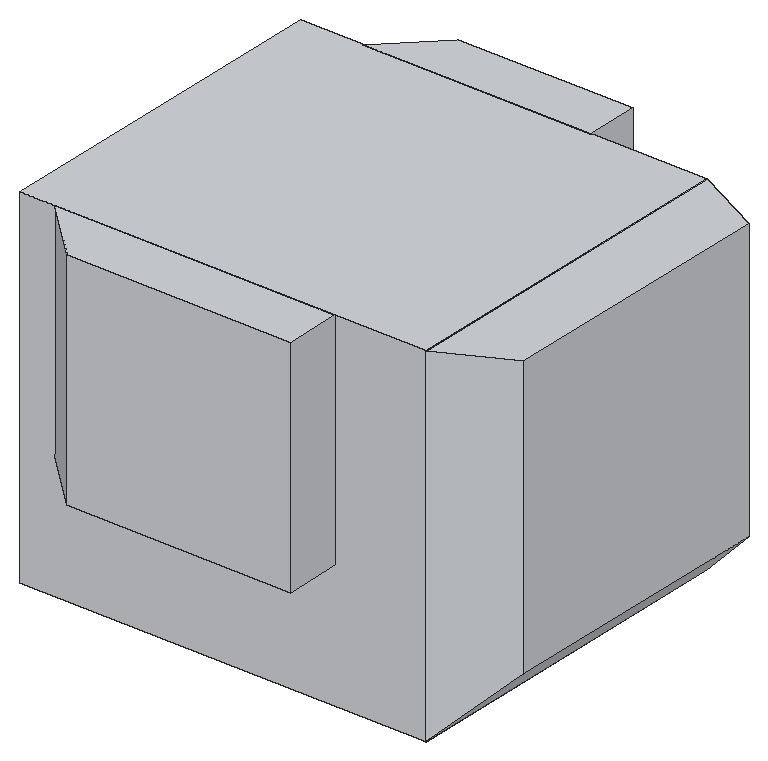
Revit family "矩形四通 - 过渡件 - 顶对齐", category 风管管件, Revit 2020
Family settings
  圆形连接件大小 = 使用直径
  零件类型 = 多个端口
  基于工作平面 = 否
  总是垂直 = 是
  加载时剪切的空心 = 否
  共享 = 否
Parameters (values of type "标准")
  默认高程 = 0 mm
  可见性 2 [instance] = not(风管高度 1 = 风管高度 4)  # yes
  可见性 1 [instance] = not(风管高度 1 = 风管高度 3)  # yes
  最大风管宽度和高度 [instance] = if(最大风管宽度 123 > 最大风管高度 123, 最大风管宽度 123, 最大风管高度 123)  # 500 mm
  最大风管宽度 123 [instance] = if(风管宽度 1 > 风管宽度 3, 风管宽度 1, 风管宽度 3)  # 500 mm
  最大风管高度 123 [instance] = if(风管高度 1 > 风管高度 3, 风管高度 1, 风管高度 3)  # 500 mm
  最大风管半宽 31 41 [instance] = if(风管半宽 31 > 风管半宽 41, 风管半宽 31, 风管半宽 41)  # 240 mm
  长度 3 [instance] = if(not(风管高度 1 = 风管高度 4), 长度 1 - (风管高度 1 - 风管高度 4) / 2, 长度 1 + 10 mm)  # 4875 mm
  长度 2 [instance] = if(not(风管高度 1 = 风管高度 3), 长度 1 - (风管高度 1 - 风管高度 3) / 2, 长度 1 + 10 mm)  # 4910 mm
  长度 1 [instance] = 5000 mm  # constant formula
  风管半宽 41 [instance] = 风管宽度 4 / 2 + 风管长度 4  # 200 mm
  风管半宽 31 [instance] = 风管宽度 3 / 2 + 风管长度 3  # 240 mm
  风管宽度 4 [instance] = 250 mm
  风管宽度 3 [instance] = 320 mm
  风管宽度 2 [instance] = 400 mm
  风管宽度 1 [instance] = 500 mm
  风管长度 4 [instance] = if(风管宽度 4 * 0.25 > 75 mm, 风管宽度 4 * 0.25, 75 mm)  # 75 mm
  风管长度 3 [instance] = if(风管宽度 3 * 0.25 > 75 mm, 风管宽度 3 * 0.25, 75 mm)  # 80 mm
  风管长度 2 [instance] = if(风管宽度 1 - 风管宽度 2 < 25 mm, 25 mm, if(风管宽度 1 - 风管宽度 2 < 300 mm, 风管宽度 1 - 风管宽度 2, 300 mm))  # 100 mm
  风管长度 1 [instance] = (最大风管半宽 31 41 + 50 mm) * 2  # 580 mm
  风管高度 4 [instance] = 250 mm
  风管高度 3 [instance] = 320 mm
  风管高度 2 [instance] = 400 mm
  风管高度 1 [instance] = 500 mm
Reference planes
  plane 1 "中心(前/后)": y = 0
  plane 2: z = 0
  plane 3 "中心(左/右)": x = 0
  plane 4: x = -290
  plane 5: x = 290
  plane 6: y = 250
  plane 7: y = -250
  plane 8: z = 250
  plane 9: z = -250
  plane 10: x = 390
  plane 11: y = -330
  plane 12: x = -240
  plane 13: x = 160
  plane 14: x = -160
  plane 15: z = -70
  plane 16: z = 5000
  plane 17: z = 90
  plane 18: z = 90
  plane 19: y = 200
  plane 20: y = -200
  plane 21: y = 325
  plane 22: x = -200
  plane 23: x = -125
  plane 24: x = 125
  plane 25: z = 0
  plane 26: z = 125
  plane 27: z = 125
  plane 28: z = -150
  plane 29: z = 50
Forms (mm)
  Extrusion 1, solid, detail levels medium+fine
    sketch origin (0, 0, 0) x (1, 0, 0) y (0, 1, 0)
      loop
        line (-290, 250) -> (-290, -250) -> (290, -250) -> (290, 250) -> (-290, 250)
    from -250 to 250
  Blend 2, solid, detail levels medium+fine
    base sketch origin (0, 0, 0) x (1, 0, 0) y (0, 0, 1)
      loop
        line (-160, 250) -> (-160, -70) -> (160, -70) -> (160, 250) -> (-160, 250)
    top sketch origin (0, 0, 0) x (1, 0, 0) y (0, 0, 1)
      loop
        line (-240, 250) -> (-240, -70) -> (160, -70) -> (160, 250) -> (-240, 250)
    from 330 to 250
  Blend 3, solid, detail levels medium+fine
    base sketch origin (0, 0, 0) x (0, 1, 0) y (0, 0, 1)
      loop
        line (200, 250) -> (-200, 250) -> (-200, -150) -> (200, -150) -> (200, 250)
    top sketch origin (0, 0, 0) x (0, 1, 0) y (0, 0, 1)
      loop
        line (250, 250) -> (-250, 250) -> (-250, -250) -> (250, -250) -> (250, 250)
    from 390 to 290
  Blend 4, solid, detail levels medium+fine
    base sketch origin (0, 0, 0) x (1, 0, 0) y (0, 0, 1)
      loop
        line (-125, 250) -> (-125, 0) -> (125, 0) -> (125, 250) -> (-125, 250)
    top sketch origin (0, 0, 0) x (1, 0, 0) y (0, 0, 1)
      loop
        line (-200, 250) -> (-200, 0) -> (125, 0) -> (125, 250) -> (-200, 250)
    from -325 to -250
  Blend 5, solid, not visible, detail levels medium+fine
    base sketch origin (0, 0, 0) x (0, 1, 0) y (0, 0, 1)
      loop
        line (200, 250) -> (0, 250) -> (0, 50) -> (200, 50) -> (200, 250)
    top sketch origin (0, 0, 0) x (0, 1, 0) y (0, 0, 1)
      loop
        line (250, 250) -> (0, 250) -> (0, 0) -> (250, 0) -> (250, 250)
    from 390 to 290
Lines and regions (mm)
  model lines
    curve 1: line (-290, 0, 0) -> (290, 0, 0)
    curve 3: line (0, 0, 90) -> (0, -330, 90)
    curve 4: line (0, 325, 125) -> (0, 0, 125)
    curve 6: line (290, 0, 0) -> (390, 0, 50)
  model lines, visible <- "可见性 1"
    curve 2: line (0, 0, 90) -> (0, 0, 0)
  model lines, visible <- "可见性 2"
    curve 5: line (0, 0, 125) -> (0, 0, 0)
Dimensions and locks
  equal spacing: plane 4, plane 3 "中心(左/右)", plane 5
  "风管长度 1": plane 4 to plane 5
  equal spacing: plane 6, plane 1 "中心(前/后)", plane 7
  "风管宽度 1": plane 6 to plane 7
  equal spacing: plane 8, plane 2, plane 9
  "风管高度 1": plane 8 to plane 9
  "风管长度 2": plane 5 to plane 10
  "风管长度 3": plane 7 to plane 11
  "风管半宽 31": plane 12 to plane 3 "中心(左/右)"
  equal spacing: plane 14, plane 3 "中心(左/右)", plane 13
  "风管宽度 3": plane 14 to plane 13
  "风管高度 3": plane 8 to plane 15
  "长度 1": plane 16 to plane 2
  "长度 2": plane 16 to plane 17
  equal spacing: plane 8, plane 18, plane 15
  equal spacing: plane 19, plane 1 "中心(前/后)", plane 20
  "风管宽度 2": plane 19 to plane 20
  "风管长度 4": plane 21 to plane 6
  "风管半宽 41": plane 22 to plane 3 "中心(左/右)"
  equal spacing: plane 23, plane 3 "中心(左/右)", plane 24
  "风管宽度 4": plane 23 to plane 24
  "风管高度 4": plane 8 to plane 25
  equal spacing: plane 8, plane 26, plane 25
  "长度 3": plane 16 to plane 27
  "风管高度 2": plane 8 to plane 28
  equal spacing: plane 8, plane 29, plane 28
  aligned and locked: level to plane 2
  aligned and locked: Extrusion 1 sketch curve to plane 6
  aligned and locked: plane 4 to Extrusion 1 sketch curve
  aligned and locked: plane 7 to Extrusion 1 sketch curve
  aligned and locked: Extrusion 1 sketch curve to plane 5
  aligned and locked: Extrusion 1 to plane 9
  aligned and locked: plane 8 to Extrusion 1
  aligned and locked: plane 14 to Blend 2 sketch curve
  aligned and locked: plane 15 to Blend 2 sketch curve  (x2)
  aligned and locked: Blend 2 sketch curve to plane 13  (x2)
  aligned and locked: Blend 2 sketch curve to plane 8  (x2)
  aligned and locked: plane 12 to Blend 2 sketch curve
  aligned and locked: Blend 2 to plane 7
  aligned and locked: Blend 2 to plane 11
  aligned and locked: plane 4 to curve 1
  aligned and locked: plane 1 "中心(前/后)" to curve 1  (x2)
  aligned and locked: plane 2 to curve 1
  aligned and locked: plane 2 to curve 2
  aligned and locked: plane 17 to curve 2
  aligned and locked: curve 2 to plane 3 "中心(左/右)"
  aligned and locked: plane 11 to curve 3
  aligned and locked: plane 1 "中心(前/后)" to curve 3
  aligned and locked: curve 3 to plane 3 "中心(左/右)"
  aligned and locked: Blend 3 sketch curve to plane 19
  aligned and locked: plane 20 to Blend 3 sketch curve
  aligned and locked: plane 9 to Blend 3 sketch curve
  aligned and locked: plane 7 to Blend 3 sketch curve
  aligned and locked: Blend 3 sketch curve to plane 8  (x2)
  aligned and locked: Blend 3 sketch curve to plane 6
  aligned and locked: plane 5 to Blend 3
  aligned and locked: plane 10 to Blend 3
  aligned and locked: plane 23 to Blend 4 sketch curve
  aligned and locked: Blend 4 sketch curve to plane 8  (x2)
  aligned and locked: Blend 4 sketch curve to plane 24  (x2)
  aligned and locked: plane 25 to Blend 4 sketch curve  (x2)
  aligned and locked: plane 22 to Blend 4 sketch curve
  aligned and locked: plane 21 to Blend 4
  aligned and locked: Blend 4 to plane 6
  aligned and locked: plane 1 "中心(前/后)" to curve 4
  aligned and locked: plane 21 to curve 4
  aligned and locked: curve 4 to plane 3 "中心(左/右)"
  aligned and locked: plane 27 to curve 5
  aligned and locked: plane 2 to curve 5
  aligned and locked: curve 5 to plane 1 "中心(前/后)"
  aligned and locked: plane 28 to Blend 3 sketch curve
  aligned and locked: Blend 5 sketch curve to plane 8  (x2)
  aligned and locked: Blend 5 sketch curve to plane 19
  aligned and locked: Blend 5 sketch curve to plane 1 "中心(前/后)"  (x2)
  aligned and locked: plane 29 to Blend 5 sketch curve
  aligned and locked: Blend 5 sketch curve to plane 6
  aligned and locked: plane 2 to Blend 5 sketch curve
  aligned and locked: plane 5 to Blend 5
  aligned and locked: plane 10 to Blend 5
  aligned and locked: plane 29 to curve 6
  aligned and locked: plane 2 to curve 6
  aligned and locked: plane 1 "中心(前/后)" to curve 6
Automatic sketch dimensions
  curve 1 to plane 5 = 0 mm
  curve 6 to Blend 5 = 0 mm  (x3)
  Blend 5 to curve 6 = 0 mm
Connectors
  hvac at (-290, 0, 0), driven by "风管高度 1", driven by "风管宽度 1"
    settings: on Extrusion 1, index 1, duct flow 0.0 L/s, flow factor 0, pres drop 0.0 Pa, loss coef 0, conn angle 0.00°, conn width 500 mm, conn height 500 mm, conn diameter 609.6 mm, duct sys type 28, conn prof type 1, flow config 0, flow direction 0, loss method 0, conn ref index 2, conn util no, is conn primary yes, conn desc ""
  hvac at (390, 0, 50), driven by "风管高度 2", driven by "风管宽度 2"
    settings: on Blend 3, index 2, duct flow 0.0 L/s, flow factor 0, pres drop 0.0 Pa, loss coef 0, conn angle 0.00°, conn width 400 mm, conn height 400 mm, conn diameter 609.6 mm, duct sys type 28, conn prof type 1, flow config 0, flow direction 0, loss method 0, conn ref index 1, conn util no, is conn primary no, conn desc ""
  hvac at (0, -330, 90), driven by "风管高度 3", driven by "风管宽度 3"
    settings: on Blend 2, index 3, duct flow 0.0 L/s, flow factor 0, pres drop 0.0 Pa, loss coef 0, conn angle 0.00°, conn width 320 mm, conn height 320 mm, conn diameter 609.6 mm, duct sys type 28, conn prof type 1, flow config 0, flow direction 0, loss method 0, conn ref index 4, conn util no, is conn primary no, conn desc ""
  hvac at (0, 325, 125), driven by "风管高度 4", driven by "风管宽度 4"
    settings: on Blend 4, index 4, duct flow 0.0 L/s, flow factor 0, pres drop 0.0 Pa, loss coef 0, conn angle 0.00°, conn width 250 mm, conn height 250 mm, conn diameter 609.6 mm, duct sys type 28, conn prof type 1, flow config 0, flow direction 0, loss method 0, conn ref index 3, conn util no, is conn primary no, conn desc ""
